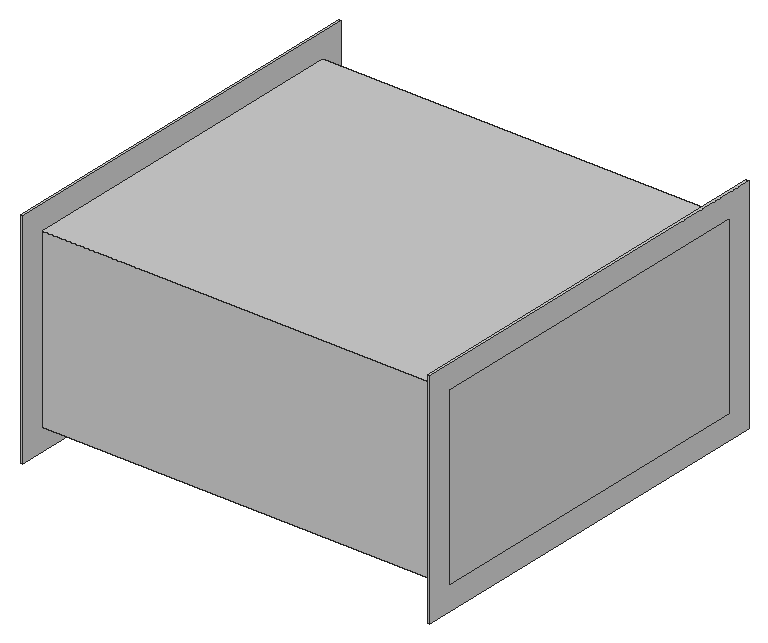
Revit family "VENTS-VKP_EC", category Mechanical Equipment, Revit 2019
Family settings
  Round Connector Dimension = Use Diameter
  Classification = None
  Part Type = Breaks Into
  OmniClass Number = 23.75.35.17.11
  OmniClass Title = Fans for Air Ductwork
  Work Plane-Based = No
  Always vertical = Yes
  Cut with Voids When Loaded = No
  Shared = No
  Room Calculation Point = No
Parameters (values of type "VKP 300x150 M1 EC")
  mH2 = 30 mm
  mH1 = 1 mm
  mL = 145 mm
  mW = 127 mm
  gsD = B / 2  # 150 mm
  eL = 150 mm
  eW = 85 mm
  dFl = (H2 - H) / 2  # 20 mm
  Weight = 5.50 kg
  Voltage = 230 V
  URL = "https://ventilation-system.com/product/vkp-300x150-m1-es"
  Type Comments = "Inline centrifugal fan VKP 300x150 M1 EC"
  Transported Air Temperature (°C) = "-25...+40"
  RPM (min-1) = 3300
  Protection rating = "IP X4"
  Power Factor = 1
  Power = 97 W
  Number of Poles = 1
  Noise Level at 3 m (dBa) = 44
  Motor Material = Painted Steel Black
  Model = "VKP 300x150 M1 EC"
  Maximum Air Flow = 565 m³/h
  Manufacturer = "Vents"
  Maintenance Zone Width = B  # 300 mm
  Maintenance Zone Material = Maintenance Zone
  Maintenance Zone Length = L  # 350 mm
  Maintenance Zone Height = 600 mm
  Maintenance Zone [instance] = no
  Load Classification = HVAC
  L = 350 mm
  H2 = 190 mm
  H = 150 mm
  mLW = 122 mm
  mD = 96 mm
  Flow direction symbol [instance] = yes
  Flow Factor [instance] = 1  # constant formula
  Family Version = "1.0"  # constant formula
  Motor = no
  Distribution Box Material = Distribution Box
  Description = "Inline centrifugal fan for rectangular ducts"
  Current = 0.73 A
  Copyright = "©Vents"
  Connection W = 300 mm
  Connection H = 150 mm
  Casing Material = Fan Zinc
  B2 = 340 mm
  B = 300 mm
  Apparent Power = Power / Power Factor  # 97 VA
  Air Flow [instance] = 0 m³/h
Types (16, lengths in mm): name | mH2 | mH1 | mL | mW | gsD | eL | eW | Weight | Voltage | URL | Type Comments | RPM (min-1) | Power | Number of Poles | Noise Level at 3 m (dBa) | Model | Maximum Air Flow | Maintenance Zone Width | Maintenance Zone Length | L | H2 | H | mLW | mD | Motor | Current | Connection W | Connection H | B2 | B | Apparent Power
  VKP 300x150 M1 EC | 30 | 1 | 145 | 127 | 150 | 150 | 85 | 5.50 kg | 230 V | "https://ventilation-system.com/product/vkp-300x150-m1-es" | "Inline centrifugal fan VKP 300x150 M1 EC" | 3300 | 97 W | 1 | 44 | "VKP 300x150 M1 EC" | 565 m³/h | 300 | 350 | 350 | 190 | 150 | 122 | 96 | no | 0.73 A | 300 | 150 | 340 | 300 | 97 VA
  VKP 300х150 L1 EC | 30 | 1 | 145 | 127 | 150 | 145 | 68 | 6.00 kg | 230 V | "https://ventilation-system.com/product/vkp-300h150-l1-es" | "Inline centrifugal fan VKP 300х150 L1 EC" | 3500 | 101 W | 1 | 46 | "VKP 300х150 L1 EC" | 665 m³/h | 300 | 350 | 350 | 190 | 150 | 122 | 96 | yes | 0.8 A | 300 | 150 | 340 | 300 | 101 VA
  VKP 400x200 M1 EC | 30 | 1 | 145 | 127 | 200 | 195 | 148 | 8.30 kg | 230 V | "https://ventilation-system.com/product/vkp-400h200-m1-es" | "Inline centrifugal fan VKP 400x200 M1 EC" | 2470 | 91 W | 1 | 43 | "VKP 400x200 M1 EC" | 810 m³/h | 400 | 440 | 440 | 240 | 200 | 122 | 96 | no | 0.69 A | 400 | 200 | 440 | 400 | 91 VA
  VKP 400x200 L1 EC | 40 | 1 | 195 | 167 | 200 | 195 | 117 | 10.00 kg | 230 V | "https://ventilation-system.com/product/vkp-400h200-l1-es" | "Inline centrifugal fan VKP 400x200 L1 EC" | 3010 | 192 W | 1 | 47 | "VKP 400x200 L1 EC" | 1190 m³/h | 400 | 440 | 440 | 240 | 200 | 142 | 114 | yes | 1.43 A | 400 | 200 | 440 | 400 | 192 VA
  VKP 500x250 M1 EC | 42 | 1 | 215 | 208 | 250 | 208 | 122 | 15.70 kg | 230 V | "https://ventilation-system.com/product/vkp-500h250-m1-es" | "Inline centrifugal fan VKP 500x250 M1 EC" | 2500 | 252 W | 1 | 45 | "VKP 500x250 M1 EC" | 1590 m³/h | 500 | 530 | 530 | 290 | 250 | 142 | 114 | yes | 1.85 A | 500 | 250 | 540 | 500 | 252 VA
  VKP 500x250 L1 EC | 47 | 42 | 215 | 208 | 250 | 208 | 117 | 17.90 kg | 230 V | "https://ventilation-system.com/product/vkp-500h250-l1-es" | "Inline centrifugal fan VKP 500x250 L1 EC" | 3100 | 555 W | 1 | 51 | "VKP 500x250 L1 EC" | 2480 m³/h | 500 | 530 | 530 | 290 | 250 | 192 | 153 | yes | 4.1 A | 500 | 250 | 540 | 500 | 555 VA
  VKP 500x300 L1 EC | 47 | 42 | 215 | 208 | 250 | 208 | 117 | 18.70 kg | 230 V | "https://ventilation-system.com/product/vkp-500h300-l1-es" | "Inline centrifugal fan VKP 500x300 L1 EC" | 3100 | 445 W | 1 | 51 | "VKP 500x300 L1 EC" | 3230 m³/h | 500 | 530 | 530 | 340 | 300 | 192 | 153 | yes | 3.33 A | 500 | 300 | 540 | 500 | 445 VA
  VKP 600x300 M1 EC | 47 | 39 | 265 | 252 | 300 | 342 | 178 | 24.10 kg | 230 V | "https://ventilation-system.com/product/vkp-600h300-m1-es" | "Inline centrifugal fan VKP 600x300 M1 EC" | 2000 | 326 W | 1 | 48 | "VKP 600x300 M1 EC" | 2545 m³/h | 600 | 650 | 650 | 340 | 300 | 192 | 153 | yes | 2.45 A | 600 | 300 | 640 | 600 | 326 VA
  VKP 600x350 M1 EC | 47 | 39 | 265 | 252 | 300 | 342 | 178 | 25.20 kg | 230 V | "https://ventilation-system.com/product/vkp-600h350-m1-es" | "Inline centrifugal fan VKP 600x350 M1 EC" | 2000 | 361 W | 1 | 49 | "VKP 600x350 M1 EC" | 2815 m³/h | 600 | 650 | 650 | 390 | 350 | 192 | 153 | yes | 2.62 A | 600 | 350 | 640 | 600 | 361 VA
  VKP 600x350 LЗ EC | 75 | 65 | 265 | 252 | 300 | 342 | 117 | 36.00 kg | 400 V | "https://ventilation-system.com/product/vkp-600h350-l3-es" | "Inline centrifugal fan VKP 600x350 LЗ EC" | 3160 | 1308 W | 3 | 55 | "VKP 600x350 LЗ EC" | 4290 m³/h | 600 | 650 | 650 | 390 | 350 | 288 | 230 | yes | 2.35 A | 600 | 350 | 640 | 600 | 1308 VA
  VKP 700x400 M1 EC | 60 | 15 | 330 | 292 | 350 | 315 | 188 | 42.20 kg | 230 V | "https://ventilation-system.com/product/vkp-700h400-m1-es" | "Inline centrifugal fan VKP 700x400 M1 EC" | 1400 | 795 W | 1 | 53 | "VKP 700x400 M1 EC" | 5710 m³/h | 700 | 750 | 750 | 440 | 400 | 288 | 171 | yes | 3.48 A | 700 | 400 | 740 | 700 | 795 VA
  VKP 700x400 LЗ EC | 74 | 60 | 330 | 292 | 350 | 315 | 188 | 43.00 kg | 400 V | "https://ventilation-system.com/product/vkp-700x400-l3-es" | "Inline centrifugal fan VKP 700x400 LЗ EC" | 2530 | 2748 W | 3 | 57 | "VKP 700x400 LЗ EC" | 6810 m³/h | 700 | 750 | 750 | 440 | 400 | 288 | 230 | yes | 2.8 A | 700 | 400 | 740 | 700 | 2748 VA
  VKP 800x500 MЗ EC | 74 | 60 | 365 | 338 | 400 | 352 | 248 | 62.30 kg | 400 V | "https://ventilation-system.com/product/vkp-800h500-m3-es" | "Inline centrifugal fan VKP 800x500 MЗ EC" | 1470 | 2025 W | 3 | 60 | "VKP 800x500 MЗ EC" | 8395 m³/h | 800 | 850 | 850 | 540 | 500 | 288 | 229 | yes | 2.01 A | 800 | 500 | 840 | 800 | 2025 VA
  VKP 800x500 LЗ EC | 78 | 15 | 365 | 338 | 400 | 352 | 248 | 54.30 kg | 400 V | "https://ventilation-system.com/product/vkp-800x500-l3-es" | "Inline centrifugal fan VKP 800x500 LЗ EC" | 2400 | 2925 W | 3 | 63 | "VKP 800x500 LЗ EC" | 8535 m³/h | 800 | 850 | 850 | 540 | 500 | 288 | 229 | yes | 3.05 A | 800 | 500 | 840 | 800 | 2925 VA
  VKP 900x500 LЗ EC | 74 | 60 | 405 | 373 | 450 | 395 | 293 | 72.00 kg | 400 V | "https://ventilation-system.com/product/vkp-900x500-l3-es" | "Inline centrifugal fan VKP 900x500 LЗ EC" | 1800 | 3429 W | 3 | 66 | "VKP 900x500 LЗ EC" | 11190 m³/h | 900 | 950 | 950 | 540 | 500 | 288 | 229 | yes | 5 A | 900 | 500 | 940 | 900 | 3429 VA
  VKP 1000x500 LЗ EC | 74 | 60 | 415 | 423 | 500 | 405 | 343 | 77.00 kg | 400 V | "https://ventilation-system.com/product/vkp-1000x500-l3-es" | "Inline centrifugal fan VKP 1000x500 LЗ EC" | 1800 | 2329 W | 3 | 66 | "VKP 1000x500 LЗ EC" | 11190 m³/h | 1000 | 950 | 950 | 540 | 500 | 288 | 229 | yes | 5 A | 1000 | 500 | 1040 | 1000 | 2329 VA
Reference planes
  plane 1 "Center (Front/Back)": y = 0
  plane 2: z = 0
  plane 3 "Center (Left/Right)": x = 0
  plane 4 "Right": x = 350
  plane 5: y = 150
  plane 6: y = -150
  plane 7 "Top": z = 75
  plane 8 "MotorW": y = -23
  plane 9 "MotorL": x = 205
  plane 10 "ElectricalConL": x = 200
  plane 11 "ElectricalConW": y = 65
  plane 12 "GraphicSymbolL": x = 175
  plane 13 "Bottom": z = -75
Forms (mm)
  Extrusion 1, solid, material "Fan Zinc" <- "Casing Material", detail levels medium+fine
    sketch origin (0, 0, 0) x (1, 0, 0) y (0, 1, 0)
      loop
        line (0, 150) -> (0, -150) -> (350, -150) -> (350, 150) -> (0, 150)
    from -75 to 75
  Sweep 2, solid, material "Fan Zinc" <- "Casing Material", detail levels fine
    path in 3D
      loop
        line (0, -150, 75) -> (0, -150, -75) -> (0, 150, -75) -> (0, 150, 75) -> (0, -150, 75)
    profile origin (0, 0, 75) x (1, 0, 0) y (0, 0, 1)
      loop
        line (0, 0) -> (1.992, 0) -> (1.992, 20) -> (0, 20) -> (0, 0)
  Sweep 3, solid, material "Fan Zinc" <- "Casing Material", detail levels fine
    path in 3D
      loop
        line (350, 150, 75) -> (350, 150, -75) -> (350, -150, -75) -> (350, -150, 75) -> (350, 150, 75)
    profile origin (350, 0, 75) x (-1, 0, 0) y (0, 0, 1)
      loop
        line (0, 0) -> (1.988, 0) -> (1.988, 20) -> (0, 20) -> (0, 0)
  Extrusion 4, solid, material "Distribution Box", detail levels medium+fine
    sketch origin (-699.46, -1524, -75) x (-1, 0, 0) y (0, -1, 0)
      loop
        circle (-899.46, -1589) r 5
    from 0 to -5
Lines and regions (mm)
  sketch lines
    curve 1: line (0, 150, 75) -> (0, -150, 75)
    curve 2: line (0, -150, 75) -> (0, -150, -75)
    curve 3: line (0, -150, -75) -> (0, 150, -75)
    curve 4: line (0, 150, 75) -> (0, 150, -75)
    curve 5: line (350, -150, 75) -> (350, 150, 75)
    curve 6: line (350, 150, 75) -> (350, 150, -75)
    curve 7: line (350, 150, -75) -> (350, -150, -75)
    curve 8: line (350, -150, 75) -> (350, -150, -75)
  model lines, detail levels coarse
    curve 9: line (0, 150, 0) -> (350, 150, 0)
    curve 10: line (0, -150, 0) -> (0, 150, 0)
    curve 11: line (350, -150, 0) -> (0, -150, 0)
    curve 12: line (350, 150, 0) -> (350, -150, 0)
Dimensions and locks
  "L": plane 3 "Center (Left/Right)" to plane 4 "Right"
  equal spacing: plane 5, plane 1 "Center (Front/Back)", plane 6
  "B": plane 5 to plane 6
  "dFl": Sweep 2 sketch curve to plane 7 "Top"
  "dFl": Sweep 3 sketch curve to profile plane
  "mW": plane 8 "MotorW" to plane 6
  "mL": plane 9 "MotorL" to plane 4 "Right"
  "eL": plane 10 "ElectricalConL" to plane 4 "Right"
  equal spacing: plane 3 "Center (Left/Right)", plane 12 "GraphicSymbolL", plane 4 "Right"
  equal spacing: plane 7 "Top", level, plane 13 "Bottom"
  "H": plane 7 "Top" to plane 13 "Bottom"
  "eW": plane 5 to plane 11 "ElectricalConW"
  aligned and locked: level to plane 2
  aligned and locked: Extrusion 1 sketch curve to plane 5
  aligned and locked: plane 3 "Center (Left/Right)" to Extrusion 1 sketch curve
  aligned and locked: plane 6 to Extrusion 1 sketch curve
  aligned and locked: Extrusion 1 sketch curve to plane 4 "Right"
  aligned and locked: plane 7 "Top" to Extrusion 1
  aligned and locked: Extrusion 1 to plane 13 "Bottom"
  aligned and locked: curve 9 to Extrusion 1
  aligned and locked: curve 10 to Extrusion 1
  aligned and locked: curve 11 to Extrusion 1
  aligned and locked: curve 12 to Extrusion 1
  aligned and locked: plane 10 "ElectricalConL" to nested 1
  aligned and locked: plane 11 "ElectricalConW" to nested 1
  aligned and locked: plane 12 "GraphicSymbolL" to nested 2
  aligned and locked: plane 1 "Center (Front/Back)" to nested 2
  aligned and locked: plane 12 "GraphicSymbolL" to nested 3
  aligned and locked: plane 2 to nested 3
  aligned and locked: plane 1 "Center (Front/Back)" to nested 4
  aligned and locked: plane 12 "GraphicSymbolL" to nested 4
  aligned and locked: plane 1 "Center (Front/Back)" to nested 5
  aligned and locked: plane 3 "Center (Left/Right)" to nested 5
  aligned and locked: plane 9 "MotorL" to nested 6
  aligned and locked: nested 6 to plane 8 "MotorW"
Automatic sketch dimensions
  Extrusion 4 sketch curve to plane 10 "ElectricalConL" = 0 mm
  Extrusion 4 sketch curve to plane 11 "ElectricalConW" = 0 mm
  profile plane to Sweep 2 sketch curve = 0 mm
  Sweep 2 sketch curve to profile plane = 0 mm
  Sweep 2 sketch curve to profile plane = 1.992 mm
  Sweep 3 sketch curve to profile plane = 0 mm  (x2)
  Sweep 3 sketch curve to profile plane = 1.988 mm
  radius of Extrusion 4 sketch curve = 5 mm
Nested families
  nested 1: "DistributionBox" at (200, 65, -75) x (1, 0, 0) z (0, 0, -1), type "DistributionBox", detail levels medium+fine
    with Hcover 15 mm, Hcon 20 mm, H1 40 mm, ConD 20 mm, ConB 27 mm, ConA 27 mm, B 108 mm, A 108 mm
  nested 2: "GraphicalSymbol_Fun_FlowDirection" at (175, 0, 0), visible <- "Flow direction symbol", type "GraphicalSymbol_Fun_FlowDirection", detail levels medium+fine
  nested 3: "GraphicalSymbol_Fun_FlowDirection" at (175, 0, 0) x (1, 0, 0) z (0, 1, 0), visible <- "Flow direction symbol", type "GraphicalSymbol_Fun_FlowDirection", detail levels medium+fine
  nested 4: "GraphicalSymbol_Fan_2" at (175, 0, 0), type "GraphicalSymbol_Fan_2", detail levels coarse
    with Diameter 150 mm, B 72 mm, A 52.5 mm
  nested 5: "MaintenanceZone_Rect" at (175, 0, -75), visible <- "Maintenance Zone", type "MaintenanceZone_Rect", detail levels medium+fine
    with Maintenance Zone Width 300 mm, Maintenance Zone Length 350 mm, Maintenance Zone Height 600 mm
  nested 6: "Motor" at (205, -23, -75) x (1, 0, 0) z (0, 0, -1), visible <- "Motor", type "Motor", detail levels medium+fine
    with W 122 mm, D 96 mm, L 122 mm, H1 1 mm
Connectors
  hvac at (0, 0, 0), driven by "Connection H", driven by "Connection W", driven by "Air Flow", driven by "Flow Factor"
    settings: on Extrusion 1, index 1, duct flow 0 m³/h, flow factor 1, pres drop 0.0 Pa, loss coef 0, conn angle 0.00°, conn width 300 mm, conn height 150 mm, conn diameter 609.6 mm, duct sys type 29, conn prof type 1, flow config 0, flow direction 1, loss method 0, conn ref index 2, conn util no, is conn primary yes, conn desc ""
  hvac at (350, 0, 0), driven by "Connection H", driven by "Connection W", driven by "Air Flow"
    settings: on Extrusion 1, index 2, duct flow 0 m³/h, flow factor 1, pres drop 0.0 Pa, loss coef 0, conn angle 0.00°, conn width 300 mm, conn height 150 mm, conn diameter 609.6 mm, duct sys type 29, conn prof type 1, flow config 0, flow direction 2, loss method 0, conn ref index 1, conn util no, is conn primary no, conn desc ""
  electrical at (200, 65, -75), driven by "Number of Poles", driven by "Load Classification", driven by "Voltage", driven by "Apparent Power", driven by "Power Factor"
    settings: on Extrusion 4, index 3, voltage 230 V, apparent load 97 VA, apparent load phase1 0 VA, apparent load phase2 0 VA, apparent load phase3 0 VA, power factor 1, load classification "HVAC", number of poles 1, system type 30, power factor state 1, is connector primary yes, connector utility no, sub classification motor no, connector description ""
Definition of nested family "DistributionBox"
  Parameters (values of type "DistributionBox")
    Hcover = 10 mm
    Hcon = H1 / 2  # 12.5 mm
    H1 = 25 mm
    Distribution Box Material = none
    Default Elevation = 1219.2 mm
    ConD = 12 mm
    ConB = B / 4  # 12.5 mm
    ConA = A / 4  # 12.5 mm
    B = A  # 50 mm
    A = 50 mm
  Reference planes
    plane 1 "Center (Front/Back)": y = 0
    plane 2: z = 0
    plane 3 "Center (Left/Right)": x = 0
    plane 4: x = -25
    plane 5: x = 25
    plane 6 "Back": y = 25
    plane 7 "Front": y = -25
    plane 8: z = 25
    plane 9: z = 35
    plane 10: x = -12.5
    plane 11: x = 12.5
    plane 12: y = 12.5
    plane 13: y = -12.5
    plane 14: z = 12.5
  Forms (mm)
    Extrusion 1, solid, material <- "Distribution Box Material"
      sketch origin (0, 0, 0) x (1, 0, 0) y (0, 1, 0)
        loop
          arc (-22, 25) -> (-24.121, 24.121) -> (-25, 22) r 3
          line (-25, 22) -> (-25, -22)
          arc (-25, -22) -> (-24.121, -24.121) -> (-22, -25) r 3
          line (-22, -25) -> (22, -25)
          arc (22, -25) -> (24.121, -24.121) -> (25, -22) r 3
          line (25, -22) -> (25, 22)
          arc (25, 22) -> (24.121, 24.121) -> (22, 25) r 3
          line (22, 25) -> (-22, 25)
      from 0 to 25
    Extrusion 2, solid, material <- "Distribution Box Material"
      sketch origin (0, 0, 0) x (1, 0, 0) y (0, 1, 0)
        loop
          arc (-22, 25) -> (-24.121, 24.121) -> (-25, 22) r 3
          line (-25, 22) -> (-25, -22)
          arc (-25, -22) -> (-24.121, -24.121) -> (-22, -25) r 3
          line (-22, -25) -> (22, -25)
          arc (22, -25) -> (24.121, -24.121) -> (25, -22) r 3
          line (25, -22) -> (25, 22)
          arc (25, 22) -> (24.121, 24.121) -> (22, 25) r 3
          line (22, 25) -> (-22, 25)
      from 25 to 35
    Extrusion 3, void
      sketch origin (-568.953, -25, 1200) x (1, 0, 0) y (0, 0, 1)
        loop
          circle (556.453, -1187.5) r 6
        loop
          circle (581.453, -1187.5) r 6
      from -2.025 to 0
    Extrusion 4, void
      sketch origin (0, 25, 0) x (-1, 0, 0) y (0, 0, 1)
        loop
          circle (-12.5, 12.5) r 6
        loop
          circle (12.5, 12.5) r 6
      from 0 to -2
  Cuts and joins
    Extrusion 3, Extrusion 4 cuts Extrusion 1
    Extrusion 3 cuts Extrusion 2
  Dimensions and locks
    equal spacing: plane 6 "Back", plane 1 "Center (Front/Back)", plane 7 "Front"
    equal spacing: plane 4, plane 3 "Center (Left/Right)", plane 5
    "A": plane 6 "Back" to plane 7 "Front"
    "B": plane 4 to plane 5
    "H1": level to plane 8
    "Hcover": plane 8 to plane 9
    "ConA": plane 1 "Center (Front/Back)" to plane 12
    "ConA": plane 13 to plane 1 "Center (Front/Back)"
    "ConB": plane 10 to plane 3 "Center (Left/Right)"
    "ConB": plane 3 "Center (Left/Right)" to plane 11
    "Hcon": plane 14 to level
    "ConD": diameter of Extrusion 3 sketch curve  (x2)
    "ConD": diameter of Extrusion 4 sketch curve  (x2)
    aligned and locked: level to plane 2
    aligned and locked: Extrusion 1 sketch curve to plane 6 "Back"
    aligned and locked: plane 4 to Extrusion 1 sketch curve
    aligned and locked: plane 7 "Front" to Extrusion 1 sketch curve
    aligned and locked: Extrusion 1 sketch curve to plane 5
    aligned and locked: plane 8 to Extrusion 1
    aligned and locked: plane 4 to Extrusion 2 sketch curve
    aligned and locked: Extrusion 2 sketch curve to plane 5
    aligned and locked: Extrusion 2 sketch curve to plane 6 "Back"
    aligned and locked: plane 7 "Front" to Extrusion 2 sketch curve
    aligned and locked: Extrusion 2 to plane 8
    aligned and locked: plane 9 to Extrusion 2
  Automatic sketch dimensions
    Extrusion 1 sketch curve to Extrusion 1 sketch curve = 3 mm  (x2)
    Extrusion 1 sketch curve to plane 5 = 3 mm  (x2)
    plane 4 to Extrusion 2 sketch curve = 3 mm
    Extrusion 2 sketch curve to Extrusion 2 sketch curve = 3 mm
    Extrusion 2 sketch curve to plane 5 = 3 mm  (x2)
    Extrusion 3 sketch curve to plane 10 = 0 mm
    Extrusion 3 sketch curve to plane 11 = 0 mm
    Extrusion 3 sketch curve to plane 14 = 0 mm  (x2)
    Extrusion 4 sketch curve to plane 11 = 0 mm
    Extrusion 4 sketch curve to plane 10 = 0 mm
    Extrusion 4 sketch curve to plane 14 = 0 mm  (x2)
Definition of nested family "MaintenanceZone_Rect"
  Parameters (values of type "MaintenanceZone_Rect")
    Maintenance Zone Width = 500 mm
    Material = none
    Maintenance Zone Length = 1000 mm
    Maintenance Zone Height = 300 mm
    Family Version = ""
    Default Elevation = 1219.2 mm
    Copyright = ""
  Reference planes
    plane 1 "Center (Front/Back)": y = 0
    plane 2: z = 0
    plane 3 "Center (Left/Right)": x = 0
    plane 4: x = -500
    plane 5: x = 500
    plane 6: y = 250
    plane 7: y = -250
    plane 8: z = -300
  Forms (mm)
    Extrusion 1, solid, material <- "Material", detail levels medium+fine
      sketch origin (0, 0, 0) x (1, 0, 0) y (0, 1, 0)
        loop
          line (-500, 250) -> (-500, -250) -> (500, -250) -> (500, 250) -> (-500, 250)
      from 0 to -300
  Lines and regions (mm)
    symbolic lines, detail levels medium+fine
      curve 1: line (-500, 0, 0) -> (500, 0, 0)
      curve 2: line (-500, 0, -300) -> (-500, 0, 0)
      curve 3: line (500, 0, -300) -> (-500, 0, -300)
      curve 4: line (500, 0, 0) -> (500, 0, -300)
      curve 5: line (0, 250, 0) -> (0, -250, 0)
      curve 6: line (0, 250, -300) -> (0, 250, 0)
      curve 7: line (0, -250, -300) -> (0, 250, -300)
      curve 8: line (0, -250, 0) -> (0, -250, -300)
      curve 9: line (-500, 250, 0) -> (500, 250, 0)
      curve 10: line (-500, -250, 0) -> (-500, 250, 0)
      curve 11: line (500, -250, 0) -> (-500, -250, 0)
      curve 12: line (500, 250, 0) -> (500, -250, 0)
  Dimensions and locks
    equal spacing: plane 6, plane 1 "Center (Front/Back)", plane 7
    equal spacing: plane 4, plane 3 "Center (Left/Right)", plane 5
    "Maintenance Zone Width": plane 6 to plane 7
    "Maintenance Zone Length": plane 4 to plane 5
    "Maintenance Zone Height": plane 2 to plane 8
    aligned and locked: level to plane 2
    aligned and locked: Extrusion 1 sketch curve to plane 6
    aligned and locked: plane 4 to Extrusion 1 sketch curve
    aligned and locked: plane 7 to Extrusion 1 sketch curve
    aligned and locked: Extrusion 1 sketch curve to plane 5
    aligned and locked: Extrusion 1 to plane 8
    aligned and locked: curve 1 to Extrusion 1
    aligned and locked: curve 2 to Extrusion 1
    aligned and locked: curve 3 to Extrusion 1
    aligned and locked: curve 4 to Extrusion 1
    aligned and locked: curve 5 to Extrusion 1
    aligned and locked: curve 6 to Extrusion 1
    aligned and locked: curve 7 to Extrusion 1
    aligned and locked: curve 8 to Extrusion 1
    aligned and locked: curve 9 to Extrusion 1
    aligned and locked: curve 10 to Extrusion 1
    aligned and locked: curve 11 to Extrusion 1
    aligned and locked: curve 12 to Extrusion 1
Definition of nested family "Motor"
  Parameters (values of type "Motor")
    W = L  # 100 mm
    Material = none
    D = 80 mm
    L = 100 mm
    H2 = 30 mm
    H1 = 10 mm
    Default Elevation = 1219.2 mm
  Reference planes
    plane 1 "Center (Front/Back)": y = 0
    plane 2: z = 0
    plane 3 "Center (Left/Right)": x = 0
    plane 4: x = -50
    plane 5: x = 50
    plane 6: y = 50
    plane 7 "bottom": y = -50
    plane 8: z = 10
    plane 9: z = 40
    plane 10: x = -40
    plane 11: x = 40
  Forms (mm)
    Extrusion 1, solid, material <- "Material"
      sketch origin (0, 0, 0) x (1, 0, 0) y (0, 1, 0)
        loop
          arc (-47, 50) -> (-49.121, 49.121) -> (-50, 47) r 3
          line (-50, 47) -> (-50, -47)
          arc (-50, -47) -> (-49.121, -49.121) -> (-47, -50) r 3
          line (-47, -50) -> (47, -50)
          arc (47, -50) -> (49.121, -49.121) -> (50, -47) r 3
          line (50, -47) -> (50, 47)
          arc (50, 47) -> (49.121, 49.121) -> (47, 50) r 3
          line (47, 50) -> (-47, 50)
      from 0 to 10
    Revolve 2, solid, material <- "Material"
      sketch origin (0, 0, 0) x (1, 0, 0) y (0, 0, 1)
        loop
          arc (-37, 40) -> (-39.121, 39.121) -> (-40, 37) r 3
          line (-40, 37) -> (-40, 10) -> (0, 10) -> (0, 40) -> (-37, 40)
        axis (0, 40) -> (0, 10)
      angle from 0 to 360
  Cuts and joins
    joined: Extrusion 1, Revolve 2
  Dimensions and locks
    "H1": plane 8 to level
    "H2": plane 9 to plane 8
    "W": plane 6 to plane 7 "bottom"
    equal spacing: plane 6, plane 1 "Center (Front/Back)", plane 7 "bottom"
    equal spacing: plane 4, plane 3 "Center (Left/Right)", plane 5
    "L": plane 4 to plane 5
    equal spacing: plane 10, plane 3 "Center (Left/Right)", plane 11
    "D": plane 10 to plane 11
    aligned and locked: level to plane 2
    aligned and locked: Extrusion 1 sketch curve to plane 6
    aligned and locked: plane 4 to Extrusion 1 sketch curve
    aligned and locked: plane 7 "bottom" to Extrusion 1 sketch curve
    aligned and locked: plane 8 to Extrusion 1
    aligned and locked: Revolve 2 sketch curve to plane 9
    aligned and locked: plane 10 to Revolve 2 sketch curve
    aligned and locked: Extrusion 1 to Revolve 2 sketch curve
    aligned and locked: Revolve 2 sketch curve to plane 3 "Center (Left/Right)"
  Automatic sketch dimensions
    Revolve 2 sketch curve to plane 9 = 3 mm
    Extrusion 1 sketch curve to plane 5 = 0 mm
    Extrusion 1 sketch curve to Extrusion 1 sketch curve = 3 mm
    Extrusion 1 sketch curve to plane 10 = 7 mm
    Extrusion 1 sketch curve to plane 5 = 3 mm  (x2)
Definition of nested family "GraphicalSymbol_Fun_FlowDirection"
  Parameters (values of type "GraphicalSymbol_Fun_FlowDirection")
    Length = 100 mm
    Height = Length  # 100 mm
    B = Length / 2  # 50 mm
    A = Length / 3  # 33.333 mm
  Reference planes
    plane 1 "Center (Front/Back)": y = 0
    plane 2: z = 0
    plane 3 "Center (Left/Right)": x = 0
    plane 4: x = -33.333
    plane 5: x = 50
    plane 6: y = 50
    plane 7: y = -50
  Lines and regions (mm)
    detail lines, in view "Ref. Level"
      curve 1: line (-33.333, 50, 0) -> (-33.333, -50, 0)
      curve 2: line (50, 0, 0) -> (-33.333, -50, 0)
      curve 3: line (50, 0, 0) -> (-33.333, 50, 0)
  Dimensions and locks
    "A": plane 4 to plane 3 "Center (Left/Right)"
    "B": plane 3 "Center (Left/Right)" to plane 5
    equal spacing: plane 6, plane 1 "Center (Front/Back)", plane 7
    "Height": plane 6 to plane 7
    aligned and locked: curve 1 to plane 4
  Automatic sketch dimensions
    plane 1 "Center (Front/Back)" to curve 3 = 0 mm
    curve 3 to plane 5 = 0 mm
    curve 2 to plane 7 = 0 mm
    curve 3 to plane 6 = 0 mm
Definition of nested family "GraphicalSymbol_Fan_2"
  Parameters (values of type "GraphicalSymbol_Fan_2")
    Diameter = 100 mm
    Default Elevation = 1219.2 mm
    B = Diameter * 0.48  # 48 mm
    A = Diameter * 0.35  # 35 mm
  Reference planes
    plane 1 "Center (Front/Back)": y = 0
    plane 2: z = 0
    plane 3 "Center (Left/Right)": x = 0
    plane 4: x = -35
    plane 5: x = 48
  Lines and regions (mm)
    model lines
      curve 1: circle (0, 0, 0) r 50 normal (0, 0, 1)
      curve 4: line (-35, 35.707, 0) -> (48, 14, 0)
      curve 5: line (-35, -35.707, 0) -> (48, -14, 0)
    reference lines
      curve 2: line (50, 141.389, 0) -> (50, -158.611, 0)
      curve 3: line (-50, 141.389, 0) -> (-50, -158.611, 0)
  Dimensions and locks
    equal spacing: curve 3, plane 3 "Center (Left/Right)", curve 2
    "Diameter": curve 3 to curve 2
    "A": plane 4 to plane 3 "Center (Left/Right)"
    "B": plane 3 "Center (Left/Right)" to plane 5
    "Diameter": diameter of curve 1
    aligned and locked: level to plane 2
  Automatic sketch dimensions
    curve 4 to plane 4 = 0 mm
    curve 5 to plane 4 = 0 mm
    plane 1 "Center (Front/Back)" to curve 1 = 0 mm
    curve 1 to plane 3 "Center (Left/Right)" = 0 mm
    curve 5 to plane 5 = 0 mm
    curve 4 to plane 5 = 0 mm
    plane 1 "Center (Front/Back)" to curve 2 = 158.611 mm
    curve 3 to curve 2 = 0 mm  (x2)
    curve 3 to plane 1 "Center (Front/Back)" = 141.389 mm
